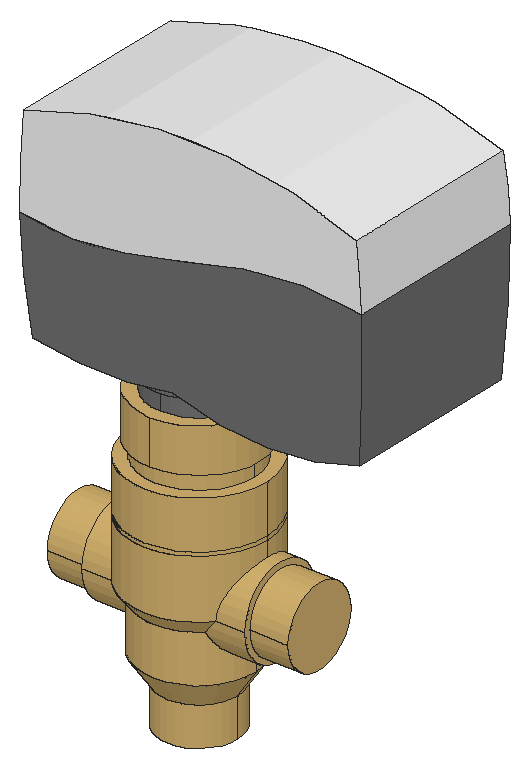
Revit family "VZ3_DN15-20_AMV(E) 130_140 (X)_RFA_2", category Pipe Accessories, Revit 2019
Family settings
  Round Connector Dimension = Use Diameter
  Part Type = Valve - Breaks Into
  OmniClass Number = 23.65.55.14.17
  OmniClass Title = Adjusting/Controlling Valves for Liquid Services
  Work Plane-Based = No
  Always vertical = Yes
  Cut with Voids When Loaded = No
  Shared = No
Parameters (values of type "VZ3_DN15_Kvs0.25_065Z5410")
  Weight = 0.39 kg
  W = 49.9 mm  # constant formula
  Voltage = if(or(Actuator Type = [082H0050], Actuator Type = [082H8037], Actuator Type = [082H8039]), 230 V, 24 V)  # 24 V
  Valve Body Material = Danfoss Brass (DZR)
  URL = "https://store.danfoss.com/en/Climate-Solutions-for-heating/Motorised-Control-Valves-/Globe-Valves/Valves-for-Terminal-%26-Zone/c/4107?q=%3Arelevance%3Adanfoss_producttypehierarchydesc%3A6f62f3cd46f1b7d56cfd219e0a26e3bcaad2ebbc&text="
  Stroke = "5.5 mm"  # constant formula
  R5 = 18.5 mm
  R4 = 15.5 mm
  R3 = 18.5 mm
  R2 = 12 mm
  R1 = 10.5 mm
  Pressure Drop [instance] = 0.0 bar
  Power = if(or(Actuator Type = [082H8044], Actuator Type = [082H8045]), 1.3 VA, if(or(Actuator Type = [082H8065]), 1.5 VA, if(or(Actuator Type = [082H0050], Actuator Type = [082H8037], Actuator Type = [082H8039]), 8 VA, 1 VA)))  # 1.3 VA
  Nominal Pressure = "PN 16"  # constant formula
  Model Type = "VZ3_DN15_Kvs0.25"
  Model = "065Z5410"
  Min Medium Temperature = "2°C"  # constant formula
  Max Operating Pressure = "1 bar"  # constant formula
  Max Medium Temperature = "120°C"  # constant formula
  Max Differential Pressure = "3.5 bar"
  Manufacturer = "Danfoss"  # constant formula
  LOD 350 = not(LOD 200)  # yes
  LOD 200 = no
  L1 = 10.5 mm
  L = 65 mm
  Kvs (B-AB) = 0.25 m³/h
  Kvs (A-AB) = 0.25 m³/h
  IfcExportType = "VZ3"  # constant formula
  IfcExportAs = "IfcValveType"  # constant formula
  Ha [instance] = 122.8 mm
  H6 = 35 mm
  H3 = 4 mm
  H1 = 7.5 mm
  H4 = 30 mm
  H2 = 17 mm
  H [instance] = 157.8 mm
  Flow [instance] = 0.0 m³/h
  E1 = 17 mm
  Description = "Motorized Control Valve"  # constant formula
  D1 = R2 * 2  # 24 mm
  D = 15 mm
  Connection = "External Thread"  # constant formula
  Actuator Type = AMV(E) 130_140 (X)_RFA : AME 130_24V_1.5m_082H8044
  082H8065 = AMV(E) 130_140 (X)_RFA : AME 140 X_24V_1.5m_082H8065
  082H8045 = AMV(E) 130_140 (X)_RFA : AME 140_24V_1.5m_082H8045
  082H8044 = AMV(E) 130_140 (X)_RFA : AME 130_24V_1.5m_082H8044
  082H8039 = AMV(E) 130_140 (X)_RFA : AMV 140_230V_1.5m_082H8039
  082H8037 = AMV(E) 130_140 (X)_RFA : AMV 130_230V_1.5m_082H8037
  082H0050 = AMV(E) 130_140 (X)_RFA : AMV 130_230V_0.5m_IP_082H0050
Types (9, lengths in mm): name | Weight | R5 | R2 | R1 | Model Type | Model | Max Differential Pressure | L1 | L | Kvs (B-AB) | Kvs (A-AB) | H3 | H1 | H2 | E1 | D1 | D
  (no name) | 0.39 kg | 18.5 | 12 | 10.5 | "VZ3_DN15_Kvs0.25" | "065Z5410" | "3.5 bar" | 10.5 | 65 | 0.25 m³/h | 0.25 m³/h | 4 | 7.5 | 17 | 17 | 24 | 15
  VZ3_DN15_Kvs0.25_065Z5410 | 0.39 kg | 18.5 | 12 | 10.5 | "VZ3_DN15_Kvs0.25" | "065Z5410" | "3.5 bar" | 10.5 | 65 | 0.25 m³/h | 0.25 m³/h | 4 | 7.5 | 17 | 17 | 24 | 15
  VZ3_DN20_Kvs2.5_065Z5420 | 0.50 kg | 22.1 | 17.5 | 13.3 | "VZ3_DN20_Kvs2.5" | "065Z5420" | "2.5 bar" | 11.5 | 77 | 1.6 m³/h | 2.5 m³/h | 8.8 | 2.5 | 21 | 21 | 35 | 20
  VZ3_DN15_Kvs0.4_065Z5411 | 0.39 kg | 18.5 | 12 | 10.5 | "VZ3_DN15_Kvs0.4" | "065Z5411" | "3.5 bar" | 10.5 | 65 | 0.25 m³/h | 0.4 m³/h | 4 | 7.5 | 17 | 17 | 24 | 15
  VZ3_DN15_Kvs0.63_065Z5412 | 0.39 kg | 18.5 | 12 | 10.5 | "VZ3_DN15_Kvs0.63" | "065Z5412" | "3.5 bar" | 10.5 | 65 | 0.4 m³/h | 0.63 m³/h | 4 | 7.5 | 17 | 17 | 24 | 15
  VZ3_DN15_Kvs1.0_065Z5413 | 0.39 kg | 18.5 | 12 | 10.5 | "VZ3_DN15_Kvs1.0" | "065Z5413" | "3.5 bar" | 10.5 | 65 | 0.63 m³/h | 1.0 m³/h | 4 | 7.5 | 17 | 17 | 24 | 15
  VZ3_DN15_Kvs1.6_065Z5414 | 0.39 kg | 18.5 | 12 | 10.5 | "VZ3_DN15_Kvs1.6" | "065Z5414" | "3.5 bar" | 10.5 | 65 | 1.0 m³/h | 1.6 m³/h | 4 | 7.5 | 17 | 17 | 24 | 15
  VZ3_DN15_Kvs2.5_065Z5415 | 0.39 kg | 18.5 | 12 | 10.5 | "VZ3_DN15_Kvs2.5" | "065Z5415" | "3.5 bar" | 10.5 | 65 | 1.6 m³/h | 2.5 m³/h | 4 | 7.5 | 17 | 17 | 24 | 15
  VZ3_DN20_Kvs4.0_065Z5421 | 0.50 kg | 22.1 | 17.5 | 13.3 | "VZ3_DN20_Kvs4.0" | "065Z5421" | "2.5 bar" | 11.5 | 77 | 2.5 m³/h | 4.0 m³/h | 8.8 | 2.5 | 21 | 21 | 35 | 20
Reference planes
  plane 1 "Center (Front/Back)": y = 0
  plane 2: z = 0
  plane 3 "Center (Left/Right)": x = 0
  plane 4: z = -17
  plane 5: x = -32.5
  plane 6: x = 32.5
  plane 7: x = -22
  plane 8: x = 22
  plane 9: z = 30
  plane 10: z = 40
  plane 11: z = -35
  plane 12: z = -24.5
  plane 13: z = -4
  plane 14: z = 16
  plane 15: y = -24.95
  plane 16: y = 24.95
Forms (mm)
  Extrusion 1, solid, material "Danfoss Brass (DZR)" <- "Valve Body Material", visible <- "LOD 350", detail levels fine
    sketch origin (0, 0, 0) x (0, 1, 0) y (0, 0, 1)
      loop
        circle (0, 0) r 10.5
    from 22 to 32.5
  Extrusion 2, solid, material "Danfoss Brass (DZR)" <- "Valve Body Material", visible <- "LOD 350", detail levels fine
    sketch origin (0, 0, 0) x (0, 1, 0) y (0, 0, 1)
      loop
        circle (0, 0) r 10.5
    from -32.5 to -22
  Extrusion 3, solid, material "Danfoss Brass (DZR)" <- "Valve Body Material", visible <- "LOD 350", detail levels fine
    sketch origin (0, 0, 0) x (0, 1, 0) y (0, 0, 1)
      loop
        circle (0, 0) r 12
    from -22 to 22
  Extrusion 4, solid, material "Danfoss Brass (DZR)" <- "Valve Body Material", visible <- "LOD 350", detail levels fine
    sketch origin (0, 0, 0) x (1, 0, 0) y (0, 1, 0)
      loop
        circle (0, 0) r 15.5
    from -17 to -4
  Extrusion 5, solid, material "Danfoss Brass (DZR)" <- "Valve Body Material", visible <- "LOD 350", detail levels fine
    sketch origin (0, 0, 0) x (1, 0, 0) y (0, 1, 0)
      loop
        circle (0, 0) r 18.5
    from 17 <- "E1" to 30
  Extrusion 6, solid, material "Danfoss Brass (DZR)" <- "Valve Body Material", visible <- "LOD 200", detail levels fine
    sketch origin (0, 0, 0) x (0, 1, 0) y (0, 0, 1)
      loop
        circle (0, 0) r 12
    from -32.5 to 32.5
  Extrusion 7, solid, material "Danfoss Brass (DZR)" <- "Valve Body Material", visible <- "LOD 200", detail levels fine
    sketch origin (0, 0, 0) x (1, 0, 0) y (0, 1, 0)
      loop
        circle (0, 0) r 18.5
    from -17 to 40
  Extrusion 8, solid, material "Danfoss Brass (DZR)" <- "Valve Body Material", detail levels fine
    sketch origin (0, 0, 0) x (1, 0, 0) y (0, 1, 0)
      loop
        circle (0, 0) r 10.5
    from -35 to -24.5
  Blend 9, solid, material "Danfoss Brass (DZR)" <- "Valve Body Material", detail levels fine
    base sketch origin (0, 0, 0) x (1, 0, 0) y (0, 1, 0)
      loop
        circle (0, 0) r 10.5
    top sketch origin (0, 0, 0) x (1, 0, 0) y (0, 1, 0)
      loop
        circle (0, 0) r 15.5
    from -24.5 to -17
  Blend 10, solid, material "Danfoss Brass (DZR)" <- "Valve Body Material", visible <- "LOD 350", detail levels fine
    base sketch origin (0, 0, 0) x (1, 0, 0) y (0, 1, 0)
      loop
        circle (0, 0) r 15.5
    top sketch origin (0, 0, 0) x (1, 0, 0) y (0, 1, 0)
      loop
        circle (0, 0) r 18.5
    from -4 to 0
  Revolve 11, solid, material "Danfoss Brass (DZR)" <- "Valve Body Material", visible <- "LOD 350", detail levels fine
    sketch origin (0, 0, 0) x (1, 0, 0) y (0, 0, 1)
      loop
        line (0, 40) -> (0, 30) -> (15, 30) -> (15, 40) -> (0, 40)
      axis (0, 40) -> (0, 30)
    angle from 0 to 360
  Extrusion 12, solid, material "Danfoss Brass (DZR)" <- "Valve Body Material", visible <- "LOD 350", detail levels fine
    sketch origin (0, 0, 0) x (1, 0, 0) y (0, 1, 0)
      loop
        circle (0, 0) r 18.5
    from 0 to 16
  Blend 13, solid, material "Danfoss Brass (DZR)" <- "Valve Body Material", visible <- "LOD 350", detail levels fine
    base sketch origin (0, 0, 0) x (1, 0, 0) y (0, 1, 0)
      loop
        circle (0, 0) r 18.5
    top sketch origin (0, 0, 0) x (1, 0, 0) y (0, 1, 0)
      loop
        circle (0, 0) r 18.5
    from 16 to 17 <- "E1"
Dimensions and locks
  "H2": level to plane 4
  "H4": plane 9 to level
  "L": plane 6 to plane 5
  "L1": plane 7 to plane 5
  "L1": plane 6 to plane 8
  equal spacing: plane 6, plane 3 "Center (Left/Right)", plane 5
  locked: plane 10 to plane 9 at 10
  "H6": level to plane 11
  "H1": plane 4 to plane 12
  "H3": level to plane 13
  Revolve 11 sketch curve to Revolve 11 sketch curve = 15 mm
  locked: plane 14 to level at 16
  equal spacing: plane 15, plane 1 "Center (Front/Back)", plane 16
  "W": plane 15 to plane 16
  locked: plane 10 to nested 2 at 5.6
  "Ha": nested 2 to plane 2
  "H": nested 2 to plane 11
  "R1": radius of Extrusion 1 sketch curve
  "R1": radius of Extrusion 2 sketch curve
  "R2": radius of Extrusion 3 sketch curve
  "R4": radius of Extrusion 4 sketch curve
  "R3": radius of Extrusion 5 sketch curve
  "R2": radius of Extrusion 6 sketch curve
  "R3": radius of Extrusion 7 sketch curve
  "R1": radius of Extrusion 8 sketch curve
  "R1": radius of Blend 9 sketch curve
  "R4": radius of Blend 9 sketch curve
  "R4": radius of Blend 10 sketch curve
  "R5": radius of Blend 10 sketch curve
  "R5": radius of Extrusion 12 sketch curve
  "R5": radius of Blend 13 sketch curve
  "R3": radius of Blend 13 sketch curve
  aligned and locked: level to plane 2
  aligned and locked: plane 1 "Center (Front/Back)" to Extrusion 1 sketch curve
  aligned and locked: level to Extrusion 1 sketch curve
  aligned and locked: plane 6 to Extrusion 1
  aligned and locked: Extrusion 1 to plane 8
  aligned and locked: plane 1 "Center (Front/Back)" to Extrusion 2 sketch curve
  aligned and locked: level to Extrusion 2 sketch curve
  aligned and locked: Extrusion 2 to plane 5
  aligned and locked: plane 7 to Extrusion 2
  aligned and locked: plane 1 "Center (Front/Back)" to Extrusion 3 sketch curve
  aligned and locked: level to Extrusion 3 sketch curve
  aligned and locked: Extrusion 3 to plane 7
  aligned and locked: plane 8 to Extrusion 3
  aligned and locked: plane 3 "Center (Left/Right)" to Extrusion 4 sketch curve
  aligned and locked: plane 1 "Center (Front/Back)" to Extrusion 4 sketch curve
  aligned and locked: Extrusion 4 to plane 4
  aligned and locked: plane 3 "Center (Left/Right)" to Extrusion 5 sketch curve
  aligned and locked: plane 1 "Center (Front/Back)" to Extrusion 5 sketch curve
  aligned and locked: plane 9 to Extrusion 5
  aligned and locked: plane 1 "Center (Front/Back)" to Extrusion 6 sketch curve
  aligned and locked: level to Extrusion 6 sketch curve
  aligned and locked: Extrusion 6 to plane 5
  aligned and locked: plane 6 to Extrusion 6
  aligned and locked: plane 3 "Center (Left/Right)" to Extrusion 7 sketch curve
  aligned and locked: plane 1 "Center (Front/Back)" to Extrusion 7 sketch curve
  aligned and locked: Extrusion 7 to plane 4
  aligned and locked: plane 10 to Extrusion 7
  aligned and locked: plane 3 "Center (Left/Right)" to nested 1
  aligned and locked: plane 1 "Center (Front/Back)" to nested 1
  aligned and locked: Extrusion 8 to plane 11
  aligned and locked: plane 12 to Extrusion 8
  aligned and locked: plane 4 to Blend 9
  aligned and locked: Blend 9 to plane 12
  aligned and locked: plane 13 to Extrusion 4
  aligned and locked: Blend 10 to plane 13
  aligned and locked: level to Blend 10
  aligned and locked: Revolve 11 sketch curve to plane 10
  aligned and locked: Revolve 11 sketch curve to plane 9
  aligned and locked: Revolve 11 sketch curve to plane 3 "Center (Left/Right)"  (x2)
  aligned and locked: Extrusion 5 to Revolve 11 sketch curve
  aligned and locked: plane 14 to Extrusion 12
  aligned and locked: Blend 13 to plane 14
  aligned and locked: plane 3 "Center (Left/Right)" to nested 2
  aligned and locked: nested 2 to plane 1 "Center (Front/Back)"
Automatic sketch dimensions
  plane 10 to Revolve 11 sketch curve = 9.661 mm
  plane 1 "Center (Front/Back)" to Extrusion 8 sketch curve = 0 mm
  Extrusion 8 sketch curve to plane 3 "Center (Left/Right)" = 0 mm
  plane 1 "Center (Front/Back)" to Blend 9 sketch curve = 0 mm  (x2)
  Blend 9 sketch curve to plane 3 "Center (Left/Right)" = 0 mm  (x2)
  plane 1 "Center (Front/Back)" to Blend 10 sketch curve = 0 mm  (x2)
  Blend 10 sketch curve to plane 3 "Center (Left/Right)" = 0 mm  (x2)
  plane 1 "Center (Front/Back)" to Extrusion 12 sketch curve = 0 mm
  Extrusion 12 sketch curve to plane 3 "Center (Left/Right)" = 0 mm
  plane 1 "Center (Front/Back)" to Blend 13 sketch curve = 0 mm  (x2)
  Blend 13 sketch curve to plane 3 "Center (Left/Right)" = 0 mm  (x2)
Nested families
  nested 1: "Schematic_3-Way Valve" at (0, 0, 0), type "Schematic_3-Way Valve", detail levels coarse+medium
  nested 2: "AMV(E) 130_140 (X)_RFA" at (0, 0, 34.4) x (0, 1, 0) z (0, 0, 1), LOD 200 <- "LOD 200", Voltage <- "Voltage", Power <- "Power", type <- "Actuator Type", type "AME 130_24V_1.5m_082H8044", detail levels fine
    with Voltage 24 V, Power 1.3 VA, LOD 350 yes, LOD 200 no
Connectors
  piping at (32.5, 0, 0), diameter 15, driven by "D", driven by "Flow"
    settings: on Extrusion 1, index 1, connector inside diameter 609.6 mm, connector length 0 mm, flow factor 0, pipe flow 0.0 m³/h, pressure drop 0.0 bar, fitting loss kfactor 0, connector angle 0.00°, fixture units 0, engagement length 0 mm, angle of deflection 0.00°, flow configuration 0, flow direction 2, fitting loss method 0, system type 29, joint type 0, gender type 0, connector reference index 2, connector utility 0, adjustable connector no, is connector primary no, connector description "AB"
  piping at (-32.5, 0, 0), diameter 15, driven by "D", driven by "Flow"
    settings: on Extrusion 2, index 2, connector inside diameter 609.6 mm, connector length 0 mm, flow factor 0, pipe flow 0.0 m³/h, pressure drop 0.0 bar, fitting loss kfactor 0, connector angle 0.00°, fixture units 0, engagement length 0 mm, angle of deflection 0.00°, flow configuration 0, flow direction 1, fitting loss method 0, system type 29, joint type 0, gender type 0, connector reference index 1, connector utility 0, adjustable connector no, is connector primary yes, connector description "A"
  piping at (0, 0, -35), diameter 15, driven by "Flow", driven by "D"
    settings: on Extrusion 8, index 3, connector inside diameter 609.6 mm, connector length 0 mm, flow factor 0, pipe flow 0.0 m³/h, pressure drop 0.0 bar, fitting loss kfactor 0, connector angle 0.00°, fixture units 0, engagement length 0 mm, angle of deflection 0.00°, flow configuration 0, flow direction 1, fitting loss method 0, system type 29, joint type 0, gender type 0, connector reference index -1, connector utility 0, adjustable connector no, is connector primary no, connector description "B"
  electrical at (0, 0, 0), driven by "Voltage", driven by "Power"
    settings: index 7, voltage 24 V, apparent load 0 VA, apparent load phase1 1.3 VA, apparent load phase2 0 VA, apparent load phase3 0 VA, power factor 0.95, load classification "HVAC", number of poles 1, system type 31, power factor state 1, is connector primary yes, connector utility no, sub classification motor no, connector description ""
Definition of nested family "AMV(E) 130_140 (X)_RFA"
  Parameters (values of type "AME 130_24V_1.5m_082H8044")
    Weight = 0.30 kg  # constant formula
    W3 = 28.8 mm
    W2 = 26 mm
    W1 = 33 mm
    W [instance] = 50 mm
    Voltage [instance] = 24 V
    URL = "https://store.danfoss.com/en/Climate-Solutions-for-heating/Motorised-Control-Valves/Actuators-for-Globe-Valves/Actuators-Without-Safety-Function/c/4109?q=%3Arelevance%3Adanfoss_producttypehierarchydesc%3AAME+130%3Adanfoss_producttypehierarchydesc%3AAME+140%3Adanfoss_producttypehierarchydesc%3AAMV+130%3Adanfoss_producttypehierarchydesc%3AAMV+140%3Adanfoss_producttypehierarchydesc%3AAME+140+X&text="
    Type Comments = ""
    Speed = "24 s/mm"
    Safety Function = "No"  # constant formula
    Power Supply = "24 V"
    Power Consumption = "1.3 W"
    Power [instance] = 1.3 VA
    Output Signal = "NA"
    Model Type = "AME 130_24V_1.5m"
    Model = "082H8044"
    Min Ambient Temperature = "0 °C"  # constant formula
    Max Stroke = 5.5 mm  # constant formula
    Max Medium Temperature = "130 °C"  # constant formula
    Max Ambient Temperature = "55 °C"  # constant formula
    Manufacturer = "Danfoss"  # constant formula
    LOD 350 [instance] = not(LOD 200)  # yes
    LOD 200 [instance] = no
    L1 = 28.4 mm
    L [instance] = 92.4 mm
    IfcExportType = "AME 130"
    IfcExportAs = "IfcActuatorType"  # constant formula
    H1 = 12 mm
    H [instance] = 88.4 mm
    Description = "Gear Actuator"  # constant formula
    Control Input Signal = "0-10 V / 0-20 mA"
    Closing Force = "200 N"  # constant formula
    Cable Length = 1500 mm
    Body Material = none
  Types (12, lengths in mm): name | Voltage | Speed | Power Supply | Power Consumption | Power | Output Signal | Model Type | Model | IfcExportType | Control Input Signal | Cable Length
    AME 130_24V_1.5m_082H8044 | 24 V | "24 s/mm" | "24 V" | "1.3 W" | 1.3 VA | "NA" | "AME 130_24V_1.5m" | "082H8044" | "AME 130" | "0-10 V / 0-20 mA" | 1500
    AME 140_24V_1.5m_082H8045 | 24 V | "12 s/mm" | "24 V" | "1.3 W" | 1.3 VA | "NA" | "AME 140_24V_1.5m" | "082H8045" | "AME 140" | "0-10 V / 0-20 mA" | 1500
    AMV 130_230V_0.5m_IP_082H0050 | 230 V | "24 s/mm" | "230 V" | "8 W" | 8 VA | "NA" | "AMV 130_230V_0.5m_IP" | "082H0050" | "AMV 130" | "3-point" | 500
    AMV 130_24V_1.5m_082H8036 | 24 V | "24 s/mm" | "24 V" | "1 W" | 1 VA | "NA" | "AMV 130_24V_1.5m" | "082H8036" | "AMV 130" | "3-point" | 1500
    AMV 130_230V_1.5m_082H8037 | 230 V | "24 s/mm" | "230 V" | "8 W" | 8 VA | "NA" | "AMV 130_230V_1.5m" | "082H8037" | "AMV 130" | "3-point" | 1500
    AMV 130_24V_5m_082H8068 | 24 V | "24 s/mm" | "24 V" | "1 W" | 1 VA | "NA" | "AMV 130_24V_5m" | "082H8068" | "AMV 130" | "3-point" | 5000
    AMV 130_24V_10m_082H8070 | 24 V | "24 s/mm" | "24 V" | "1 W" | 1 VA | "NA" | "AMV 130_24V_10m" | "082H8070" | "AMV 130" | "3-point" | 10000
    AMV 140_24V_1.5m_082H8038 | 24 V | "12 s/mm" | "24 V" | "1 W" | 1 VA | "NA" | "AMV 140_24V_1.5m" | "082H8038" | "AMV 140" | "3-point" | 1500
    AMV 140_230V_1.5m_082H8039 | 230 V | "12 s/mm" | "230 V" | "8 W" | 8 VA | "NA" | "AMV 140_230V_1.5m" | "082H8039" | "AMV 140" | "3-point" | 1500
    AMV 140_24V_5m_082H8069 | 24 V | "12 s/mm" | "24 V" | "1 W" | 1 VA | "NA" | "AMV 140_24V_5m" | "082H8069" | "AMV 140" | "3-point" | 5000
    AMV 140_24V_10m_082H8071 | 24 V | "12 s/mm" | "24 V" | "1 W" | 1 VA | "NA" | "AMV 140_24V_10m" | "082H8071" | "AMV 140" | "3-point" | 10000
    AME 140 X_24V_1.5m_082H8065 | 24 V | "12 s/mm" | "24 V" | "1.5 W" | 1.5 VA | "0-10 V" | "AME 140 X_24V_1.5m" | "082H8065" | "AME 140 X" | "0-10 V / 0-20 mA" | 1500
  Reference planes
    plane 1 "Center (Front/Back)": y = 0
    plane 2: z = 0
    plane 3 "Center (Left/Right)": x = 0
    plane 4: z = 12
    plane 5: y = -64
    plane 6: y = 28.4
    plane 7: z = 88.4
    plane 8: x = 25
    plane 9: x = -25
    plane 10: x = -16.5
    plane 11: x = 16.5
    plane 12: z = 32
    plane 13: x = -13
    plane 14: x = 13
    plane 15: x = -14.4
    plane 16: x = 14.4
    plane 17 "Plane Bottom": z = 17.2
    plane 18: y = 25.9
    plane 19: y = 27.4
    plane 20: z = 80.4
    plane 21: y = -62.5
    plane 22: z = 23.2
    plane 23: z = 25.4
    plane 24: z = 55.5
    plane 25: z = 63
    plane 26: z = 64.5
    plane 27: z = 54
    plane 28: z = 20.7
    plane 29: y = -26
    plane 30: y = -38.5
    plane 31: z = 86.9
    plane 32: x = -24.5
    plane 33: x = 24.5
    plane 34: x = -23.5
    plane 35: x = 23.5
    plane 36: x = -27
    plane 37: x = 27
    plane 38: y = 27.9
    plane 39: x = -22.5
    plane 40: y = -63.5
    plane 41: x = 22.5
  Forms (mm)
    Extrusion 1, solid, detail levels fine
      sketch origin (0, 0, 0) x (1, 0, 0) y (0, 1, 0)
        loop
          circle (0, 0) r 16.5
      from 0 to 12
    Revolve 2, solid, visible <- "LOD 350", detail levels fine
      sketch origin (0, 0, 0) x (1, 0, 0) y (0, 0, 1)
        loop
          line (-14.4, 17.2) -> (-13, 17.2) -> (-13, 12) -> (0, 12) -> (0, 32) -> (-14.4, 32) -> (-14.4, 17.2)
        axis (0, 32) -> (0, 12)
      angle from 0 to 360
    Extrusion 3, solid, visible <- "LOD 350", detail levels fine
      sketch origin (0, 0, 0) x (0, 1, 0) y (0, 0, 1)
        loop
          arc (-64, 63) -> (-63.628, 44.185) -> (-62.5, 25.4) r 467.805
          arc (-62.5, 25.4) -> (-37.155, 20.685) -> (-11.757, 25.101) r 72.777
          arc (-11.757, 25.101) -> (7.088, 23.201) -> (25.9, 25.4) r 87.494
          arc (25.9, 25.4) -> (27.789, 40.397) -> (28.4, 55.5) r 178.069
          arc (28.4, 55.5) -> (14.2, 54) -> (0, 55.5) r 67.953
          arc (0, 55.5) -> (-16.037, 59.092) -> (-31.999, 63) r 834.074
          arc (-31.999, 63) -> (-48, 64.5) -> (-64, 63) r 86.072
      from -27 to 27
    Extrusion 4, solid, material <- "Body Material", visible <- "LOD 350", detail levels fine
      sketch origin (0, 0, 0) x (0, 1, 0) y (0, 0, 1)
        loop
          arc (-62.5, 80.4) -> (-63.467, 71.719) -> (-64, 63) r 175.37
          arc (-64, 63) -> (-48, 64.5) -> (-31.999, 63) r 86.072
          arc (-31.999, 63) -> (-16.037, 59.092) -> (0, 55.5) r 834.074
          arc (0, 55.5) -> (14.2, 54) -> (28.4, 55.5) r 67.953
          arc (28.4, 55.5) -> (28.204, 67.962) -> (27.4, 80.4) r 255.314
          arc (27.4, 80.4) -> (-17.55, 88.505) -> (-62.5, 80.4) r 128.693
      from -27 to 27
    Extrusion 5, solid, visible <- "LOD 350", detail levels fine
      sketch origin (0, 0, 17.2) x (-1, 0, 0) y (0, -1, 0)
        loop
          line (-2.173, 26) -> (-2.173, 38.5) -> (-9.373, 38.5) -> (-9.373, 26) -> (-2.173, 26)
      from 0 to 8.2
    Extrusion 6, void
      sketch origin (0, 0, 0) x (1, 0, 0) y (0, 0, 1)
        loop
          line (-24.358, 89.4) -> (24.197, 89.4)
          arc (24.197, 89.4) -> (24.826, 53.28) -> (23.013, 17.2) r 534.228
          line (23.013, 17.2) -> (29.5, 17.2) -> (29.5, 93.4) -> (-30, 93.4) -> (-30, 17.2) -> (-23.022, 17.2)
          arc (-23.022, 17.2) -> (-24.911, 53.277) -> (-24.358, 89.4) r 534.166
      from -39.301 to 75.38
    Revolve 7, solid, visible <- "LOD 200", detail levels fine
      sketch origin (0, 0, 0) x (1, 0, 0) y (0, 0, 1)
        loop
          line (-13, 12) -> (0, 12) -> (0, 32) -> (-13, 32) -> (-13, 12)
        axis (0, 12) -> (0, 32)
      angle from 0 to 360
    Blend 8, solid, visible <- "LOD 200", detail levels fine
      base sketch origin (0, 0, 0) x (1, 0, 0) y (0, 1, 0)
        loop
          line (-23.667, -62.5) -> (23.5, -62.5) -> (23.5, 25.9) -> (-23.667, 25.9) -> (-23.667, -62.5)
      top sketch origin (0, 0, 0) x (1, 0, 0) y (0, 1, 0)
        loop
          line (-24.948, 28.4) -> (-24.948, -64) -> (24.898, -64) -> (24.898, 28.4) -> (-24.948, 28.4)
      from 25.4 to 63
    Blend 9, solid, material <- "Body Material", visible <- "LOD 200", detail levels fine
      base sketch origin (0, 0, 0) x (1, 0, 0) y (0, 1, 0)
        loop
          line (-24.948, 28.4) -> (-24.948, -64) -> (24.898, -64) -> (24.898, 28.4) -> (-24.948, 28.4)
      top sketch origin (0, 0, 0) x (1, 0, 0) y (0, 1, 0)
        loop
          line (-24.724, 27.4) -> (-24.724, -62.5) -> (24.582, -62.5) -> (24.582, 27.4) -> (-24.724, 27.4)
      from 63 to 88.4
  Cuts and joins
    Extrusion 6 cuts Extrusion 3
    Extrusion 6 cuts Extrusion 4
  Dimensions and locks
    plane 5 to plane 6 = 92.4 mm
    equal spacing: plane 8, plane 3 "Center (Left/Right)", plane 9
    "W": plane 8 to plane 9
    plane 7 to level = 88.4 mm
    "H1": plane 4 to level
    equal spacing: plane 11, plane 3 "Center (Left/Right)", plane 10
    "W1": plane 11 to plane 10
    equal spacing: plane 14, plane 3 "Center (Left/Right)", plane 13
    "W2": plane 14 to plane 13
    equal spacing: plane 16, plane 3 "Center (Left/Right)", plane 15
    "W3": plane 16 to plane 15
    "L1": plane 1 "Center (Front/Back)" to plane 6
    plane 12 to level = 32 mm
    plane 17 "Plane Bottom" to plane 4 = 5.2 mm
    plane 17 "Plane Bottom" to level = 17.2 mm
    Extrusion 5 sketch curve to Extrusion 5 sketch curve = 7.2 mm
    plane 37 to plane 3 "Center (Left/Right)" to plane 36 = 27 mm, 27 mm
    "L": plane 6 to plane 5
    "H": plane 7 to level
    diameter of Extrusion 1 sketch curve = 33 mm
    aligned and locked: level to plane 2
    aligned and locked: plane 4 to Extrusion 1
    aligned and locked: plane 15 to Revolve 2 sketch curve
    aligned and locked: Revolve 2 sketch curve to plane 12
    aligned and locked: Revolve 2 sketch curve to plane 17 "Plane Bottom"
    aligned and locked: Revolve 2 sketch curve to plane 13
    aligned and locked: Revolve 2 sketch curve to plane 4
    aligned and locked: plane 3 "Center (Left/Right)" to Revolve 2 sketch curve
    aligned and locked: Revolve 2 sketch curve to Revolve 2 sketch curve
    aligned and locked: Extrusion 5 sketch curve to plane 30
    aligned and locked: plane 29 to Extrusion 5 sketch curve
    aligned and locked: plane 23 to Extrusion 5
    aligned and locked: Extrusion 4 to plane 36
    aligned and locked: plane 37 to Extrusion 4
    aligned and locked: Extrusion 6 sketch curve to plane 17 "Plane Bottom"
    aligned and locked: Revolve 7 sketch curve to plane 4
    aligned and locked: Revolve 7 sketch curve to plane 13
    aligned and locked: Revolve 7 sketch curve to plane 3 "Center (Left/Right)"
    aligned and locked: Revolve 7 sketch curve to plane 12
    aligned and locked: Revolve 7 sketch curve to Revolve 7 sketch curve  (x2)
    aligned and locked: Blend 8 sketch curve to cut or joined group of Extrusion 3, Extrusion 6  (x4)
    aligned and locked: Blend 8 sketch curve to plane 18
    aligned and locked: Blend 8 sketch curve to plane 35
    aligned and locked: Blend 8 to plane 23
    aligned and locked: plane 25 to Blend 8
    aligned and locked: Blend 9 sketch curve to Blend 8  (x4)
    aligned and locked: Blend 9 sketch curve to cut or joined group of Extrusion 4, Extrusion 6  (x4)
    aligned and locked: Blend 9 to plane 25
    aligned and locked: plane 7 to Blend 9
  Automatic sketch dimensions
    plane 1 "Center (Front/Back)" to Extrusion 1 sketch curve = 0 mm
    Extrusion 1 sketch curve to plane 3 "Center (Left/Right)" = 0 mm
    Revolve 2 sketch curve to plane 4 = 0 mm
    Revolve 2 sketch curve to plane 12 = 0 mm
    Extrusion 3 sketch curve to plane 5 = 0 mm
    Extrusion 3 sketch curve to plane 21 = 0 mm
    Extrusion 3 sketch curve to plane 25 = 0 mm  (x2)
    Extrusion 3 sketch curve to plane 1 "Center (Front/Back)" = 0 mm  (x2)
    Extrusion 3 sketch curve to plane 18 = 0 mm
    Extrusion 3 sketch curve to plane 6 = 0 mm
    Extrusion 3 sketch curve to plane 23 = 0 mm  (x2)
    Extrusion 3 sketch curve to plane 24 = 0 mm  (x2)
    Extrusion 3 sketch curve to plane 24 = 0.364 mm
    Extrusion 3 sketch curve to plane 21 = 14.5 mm
    plane 7 to Extrusion 3 sketch curve = 5.06 mm
    Extrusion 3 sketch curve to plane 21 = 25.773 mm
    Extrusion 3 sketch curve to plane 1 "Center (Front/Back)" = 6.393 mm
    Extrusion 3 sketch curve to plane 6 = 145.895 mm
    Extrusion 3 sketch curve to plane 25 = 0.167 mm
    Extrusion 3 sketch curve to level = 21.572 mm
    Extrusion 3 sketch curve to Extrusion 3 sketch curve = 11.261 mm
    Extrusion 4 sketch curve to plane 5 = 0 mm
    Extrusion 4 sketch curve to plane 20 = 0 mm  (x2)
    Extrusion 4 sketch curve to plane 21 = 0 mm
    Extrusion 4 sketch curve to plane 19 = 0 mm
    Extrusion 4 sketch curve to plane 6 = 0 mm
    Extrusion 4 sketch curve to plane 24 = 0 mm  (x2)
    Extrusion 4 sketch curve to plane 25 = 0 mm  (x2)
    plane 24 to Extrusion 4 sketch curve = 2.217 mm
    plane 24 to Extrusion 4 sketch curve = 1.156 mm
    Extrusion 4 sketch curve to level = 40.188 mm
    Extrusion 4 sketch curve to plane 21 = 14.5 mm
    Extrusion 4 sketch curve to level = 21.572 mm
    Extrusion 4 sketch curve to plane 1 "Center (Front/Back)" = 0 mm  (x2)
    Extrusion 4 sketch curve to plane 6 = 145.895 mm
    plane 3 "Center (Left/Right)" to Extrusion 5 sketch curve = 2.173 mm
    plane 34 to Extrusion 6 sketch curve = 0.478 mm
    plane 35 to Extrusion 6 sketch curve = 0.487 mm
    Extrusion 6 sketch curve to plane 33 = 0.303 mm
    Extrusion 6 sketch curve to plane 25 = 0.963 mm
    plane 25 to Extrusion 6 sketch curve = 0.156 mm
    Extrusion 6 sketch curve to plane 28 = 3.5 mm
    plane 7 to Extrusion 6 sketch curve = 5 mm
    plane 8 to Extrusion 6 sketch curve = 4.5 mm
    Extrusion 6 sketch curve to plane 36 = 3 mm
    plane 32 to Extrusion 6 sketch curve = 0.142 mm
    plane 7 to Extrusion 6 sketch curve = 1 mm
    Revolve 7 sketch curve to plane 12 = 0 mm
    Blend 8 sketch curve to plane 5 = 0 mm
    Blend 8 sketch curve to plane 8 = 0.102 mm
Definition of nested family "Schematic_3-Way Valve"
  Parameters (values of type "Schematic_3-Way Valve")
    L_1 = L / 2  # 38.5 mm
    L = 77 mm
    H1 = 35 mm
    H = L  # 77 mm
    D1 = 31 mm
  Reference planes
    plane 1 "Center (Front/Back)": y = 0
    plane 2: z = 0
    plane 3 "Center (Left/Right)": x = 0
    plane 4: z = 15.5
    plane 5: z = -15.5
    plane 6: x = -38.5
    plane 7: x = 38.5
    plane 8: x = 15.5
    plane 9: x = -15.5
    plane 10: z = -35
    plane 11: y = -35
    plane 12: y = 15.5
    plane 13: y = -15.5
    plane 14: z = 77
    plane 15: z = 38.5
    plane 16: x = 19.25
    plane 17: x = -19.25
    plane 18: y = 77
    plane 19: y = 38.5
  Lines and regions (mm)
    model lines
      curve 1: line (0, 0, 0) -> (-15.5, 0, -35)
      curve 2: line (0, 0, 0) -> (15.5, 0, -35)
      curve 3: line (15.5, 0, -35) -> (-15.5, 0, -35)
      curve 4: line (0, 0, 0) -> (38.5, 0, 15.5)
      curve 5: line (38.5, 0, 15.5) -> (38.5, 0, -15.5)
      curve 6: line (38.5, 0, -15.5) -> (0, 0, 0)
      curve 7: line (0, 0, 0) -> (-38.5, 0, 15.5)
      curve 8: line (-38.5, 0, 15.5) -> (-38.5, 0, -15.5)
      curve 9: line (-38.5, 0, -15.5) -> (0, 0, 0)
      curve 19: line (0, 0, 38.5) -> (0, 0, 0)
      curve 20: line (-19.25, 0, 77) -> (19.25, 0, 77)
      curve 21: line (-19.25, 0, 38.5) -> (-19.25, 0, 77)
      curve 22: line (19.25, 0, 38.5) -> (-19.25, 0, 38.5)
      curve 23: line (19.25, 0, 77) -> (19.25, 0, 38.5)
    symbolic lines
      curve 10: line (0, 0, 0) -> (38.5, 15.5, 0)
      curve 11: line (38.5, 15.5, 0) -> (38.5, -15.5, 0)
      curve 12: line (38.5, -15.5, 0) -> (0, 0, 0)
      curve 13: line (0, 0, 0) -> (-38.5, 15.5, 0)
      curve 14: line (-38.5, 15.5, 0) -> (-38.5, -15.5, 0)
      curve 15: line (-38.5, -15.5, 0) -> (0, 0, 0)
      curve 16: line (0, 0, 0) -> (15.5, -35, 0)
      curve 17: line (15.5, -35, 0) -> (-15.5, -35, 0)
      curve 18: line (0, 0, 0) -> (-15.5, -35, 0)
      curve 24: line (-19.25, 77, 0) -> (19.25, 77, 0)
      curve 25: line (-19.25, 38.5, 0) -> (-19.25, 77, 0)
      curve 26: line (19.25, 38.5, 0) -> (-19.25, 38.5, 0)
      curve 27: line (19.25, 77, 0) -> (19.25, 38.5, 0)
      curve 28: line (0, 0, 0) -> (0, 38.5, 0)
  Dimensions and locks
    "D1": plane 4 to plane 5
    equal spacing: plane 4, level, plane 5
    "D1": plane 8 to plane 9
    equal spacing: plane 8, plane 3 "Center (Left/Right)", plane 9
    plane 9 to plane 8 = 31 mm
    equal spacing: plane 9, plane 3 "Center (Left/Right)", plane 8
    "D1": plane 13 to plane 12
    equal spacing: plane 13, plane 1 "Center (Front/Back)", plane 12
    "L_1": plane 14 to plane 15
    "H": plane 14 to level
    "L_1": plane 16 to plane 17
    equal spacing: plane 16, plane 3 "Center (Left/Right)", plane 17
    "H": plane 1 "Center (Front/Back)" to plane 18
    "L_1": plane 19 to plane 18
    equal spacing: plane 17, plane 3 "Center (Left/Right)", plane 16
    plane 17 to plane 16 = 38.5 mm
    equal spacing: plane 7, plane 3 "Center (Left/Right)", plane 6
    "L": plane 7 to plane 6
    "H1": plane 2 to plane 10
    "H1": plane 11 to plane 1 "Center (Front/Back)"
    aligned and locked: level to plane 2
    aligned and locked: plane 10 to curve 3
    aligned and locked: curve 5 to plane 7
    aligned and locked: curve 8 to plane 6
    aligned and locked: level to curve 19
    aligned and locked: curve 20 to plane 14
    aligned and locked: plane 17 to curve 21
    aligned and locked: curve 23 to plane 16
    aligned and locked: plane 19 to curve 28
    aligned and locked: plane 15 to curve 19
  Automatic sketch dimensions
    curve 13 to plane 6 = 0 mm
    curve 18 to plane 9 = 0 mm
    curve 26 to plane 17 = 0 mm
    plane 1 "Center (Front/Back)" to curve 15 = 0 mm
    curve 15 to plane 3 "Center (Left/Right)" = 0 mm
    curve 24 to plane 16 = 0 mm
    curve 16 to plane 8 = 0 mm
    curve 12 to plane 7 = 0 mm
    plane 11 to curve 17 = 0 mm
    plane 13 to curve 12 = 0 mm
    plane 13 to curve 15 = 0 mm
    plane 12 to curve 13 = 0 mm
    plane 12 to curve 11 = 0 mm
    plane 18 to curve 24 = 0 mm
    curve 3 to plane 9 = 0 mm
    curve 6 to plane 3 "Center (Left/Right)" = 0 mm
    curve 2 to plane 8 = 0 mm
    curve 6 to plane 5 = 0 mm
    curve 9 to plane 5 = 0 mm
    curve 5 to plane 4 = 0 mm
    curve 7 to plane 4 = 0 mm
